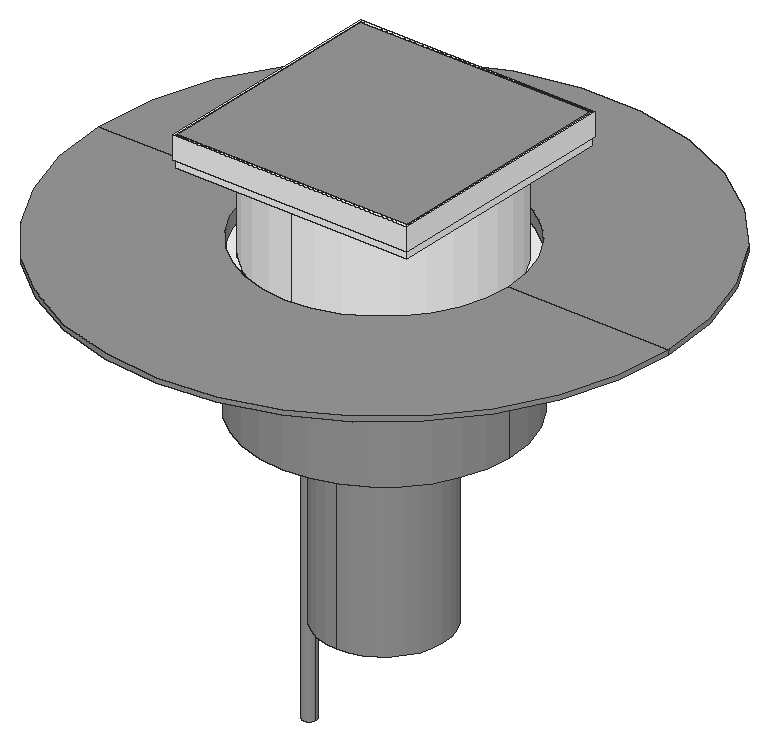
Revit family "HL_RU_Roof drain_HL62.1BF-B-221103", category Sanitärinstallationen, Revit 2020
Family settings
  Bemaßung runder Anschluss = Durchmesser verwenden
  Teiletyp = Normal
  OmniClass-Nummer = 23.70.50.21.24.14
  OmniClass-Titel = Deck Waste Water Drains
  Arbeitsebenenbasiert = Nein
  Immer vertikal = Ja
  Beim Laden mit Abzugskörper schneiden = Nein
  Gemeinsam genutzt = Nein
  Raumberechnungspunkt = Ja
Parameters (values of type "HL_Кровельная воронка_HL62.1BF_7")
  РЕШЁТКА = "Edelstahl 137x137mm"
  РАЗМЕР = "DN75"
  ПРОПУСКНАЯ СПОСОБНОСТЬ [instance] = 0.0 L/s
  ПРОИЗВОДИТЕЛЬНОСТЬ = "6,0 l/s"
  ПРАВОВАЯ ИНФОРМАЦИЯ = "Авторские права(©), права на дизайн или какие либо другие права интелектуальной собственности являются исключительной собственностью компании HL Hutterer & Lechner. Изменению не подлежит. Файл семейства с данными о прозводителе изделия защищен паролем с водяным знаком."
  НОМИНАЛЬНЫЙ ДИАМЕТР = 75 mm
  НАСАДКА = "19-65mm/148x148mm"
  МАТЕРИАЛ = "PP"
  МАКСИМАЛЬНАЯ НАГРУЗКА КЛАССА = "K - 300 kg"
  ВЕС = "1,14 [kg]"
  Vorgabe-Ansicht = 0 mm
  Hersteller = "HL Hutterer & Lechner GmbH"  # constant formula
  URL = "http://www.hutterer-lechner.com/ru/products/catalog/roof-drains/HL62.1BF/7.aspx"
  Материал плитка [instance] = none
  Lüftungsverbindung = no
  Abwasserrohrverbindung = yes
  HW-Verbindung = no
  KW-Verbindung = no
  Beschreibung = "Кровельные воронки"
  Model = "HL62.1BF_7"
  Assembly Code = " "
  Typenkommentare = "HL62.1BF/7 Кровельная воронка DN75 для эксплуатируемой кровли, вертикальный выпуск, с ПП_фланцем и электрообогревом (10_30W/230V),"
  Keynote = "HL62.1BF_7"
  Bысота монтажа [instance] = 65 mm  # constant formula
  G [instance] = 180.00°  # constant formula
  EAN = "9003076031849"
  D [instance] = if(НОМИНАЛЬНЫЙ ДИАМЕТР = 75 mm, 116 mm, if(НОМИНАЛЬНЫЙ ДИАМЕТР = 110 mm, 60 mm, if(НОМИНАЛЬНЫЙ ДИАМЕТР = 125 mm, 67 mm, 0 mm))) + Bысота монтажа  # 181 mm
  C [instance] = if(Bысота монтажа - 68 mm < 0 mm, 0 mm, Bысота монтажа - 68 mm)  # 0 mm
  B [instance] = 100 mm  # constant formula
  A [instance] = if(B - 100 mm > 15 mm, B - 100 mm, 15 mm)  # 15 mm
Types (4, lengths in mm): name | РАЗМЕР | НОМИНАЛЬНЫЙ ДИАМЕТР | ВЕС | URL | Model | Typenkommentare | Keynote | EAN | D
  (no name) | "DN75" | 75 | "1,14 [kg]" | "http://www.hutterer-lechner.com/ru/products/catalog/roof-drains/HL62.1BF/7.aspx" | "HL62.1BF_7" | "HL62.1BF/7 Кровельная воронка DN75 для эксплуатируемой кровли, вертикальный выпуск, с ПП_фланцем и электрообогревом (10_30W/230V)," | "HL62.1BF_7" | "9003076031849" | 181
  HL_Кровельная воронка_HL62.1BF_1 | "DN110" | 110 | "1,04 [kg]" | "http://www.hutterer-lechner.com/ru/products/catalog/roof-drains/HL62.1BF/1.aspx" | "HL62.1BF_1" | "HL62.1BF/1 Кровельная воронка DN110 для эксплуатируемой кровли, вертикальный выпуск, с ПП_фланцем и электрообогревом (10_30W/230V)," | "HL62.1BF_1" | "9003076031863" | 125
  HL_Кровельная воронка_HL62.1BF_2 | "DN125" | 125 | "1,06 [kg]" | "http://www.hutterer-lechner.com/ru/products/catalog/roof-drains/HL62.1BF/2.aspx" | "HL62.1BF_2" | "HL62.1BF/2 Кровельная воронка DN125 для эксплуатируемой кровли, вертикальный выпуск, с ПП_фланцем и электрообогревом (10_30W/230V)," | "HL62.1BF_2" | "9003076031887" | 132
  HL_Кровельная воронка_HL62.1BF_7 | "DN75" | 75 | "1,14 [kg]" | "http://www.hutterer-lechner.com/ru/products/catalog/roof-drains/HL62.1BF/7.aspx" | "HL62.1BF_7" | "HL62.1BF/7 Кровельная воронка DN75 для эксплуатируемой кровли, вертикальный выпуск, с ПП_фланцем и электрообогревом (10_30W/230V)," | "HL62.1BF_7" | "9003076031849" | 181
Reference planes
  plane 1 "Center (Front/Back)": y = 0
  plane 2: z = 0
  plane 3 "Center (Left/Right)": x = 0
  plane 4: z = -100
  plane 5: z = -65
Lines and regions (mm)
  model lines, style "InvisibleLines"
    curve 1: line (0, 0, 0) -> (0, 0, 20)
  model lines, style "PlumbingFixtures", detail levels coarse+medium
    curve 2: line (0, 0, -100) -> (0, 0, -85)
    curve 3: line (0, 0, -85) -> (-85, 0, 0)
    curve 4: line (0, 0, -85) -> (85, 0, 0)
    curve 6: line (0, 0, -100) -> (0, 0, -281)
  reference lines, not visible
    curve 5: line (0, 0, -100) -> (0, 0, -281)
  symbolic lines, style "PlumbingFixtures", detail levels coarse+medium
    curve 7: line (-75, 75, 0) -> (75, 75, 0)
    curve 8: line (-75, -75, 0) -> (-75, 75, 0)
    curve 9: line (75, -75, 0) -> (-75, -75, 0)
    curve 10: line (75, 75, 0) -> (75, -75, 0)
    curve 11: line (-75, 75, 0) -> (-145.711, 145.711, 0)
    curve 12: line (75, 75, 0) -> (145.711, 145.711, 0)
    curve 13: line (-75, -75, 0) -> (-145.711, -145.711, 0)
    curve 14: line (75, -75, 0) -> (145.711, -145.711, 0)
  symbolic lines, style "PlumbingFixtures", not visible, detail levels coarse+medium
    curve 15: line (-75, 75, 0) -> (75, 75, 0)
    curve 16: line (-75, -75, 0) -> (-75, 75, 0)
    curve 17: line (75, -75, 0) -> (-75, -75, 0)
    curve 18: line (75, 75, 0) -> (75, -75, 0)
    curve 19: line (-75, 75, 0) -> (-145.711, 145.711, 0)
    curve 20: line (75, 75, 0) -> (145.711, 145.711, 0)
    curve 21: line (-75, -75, 0) -> (-145.711, -145.711, 0)
    curve 22: line (75, -75, 0) -> (145.711, -145.711, 0)
Text (mm)
  text "FLOOR" at (-162.344, 0, -10.979), in view "Drain Construction View"
Dimensions and locks
  "B": plane 2 to plane 4
  "Bысота монтажа": plane 2 to plane 5
  "A": curve 4 to plane 4
  "D": curve 5 to curve 5
  "D": curve 6 to curve 6
  locked: curve 4 to plane 3 "Center (Left/Right)" (angle 45.00°)
  locked: plane 3 "Center (Left/Right)" to curve 3 (angle 45.00°)
  "G": angle curve 5 to plane 3 "Center (Left/Right)"
  aligned and locked: level to plane 2
  aligned and locked: plane 2 to curve 4
  aligned and locked: plane 2 to curve 3
  aligned and locked: plane 4 to curve 5
  aligned and locked: plane 3 "Center (Left/Right)" to curve 5
  aligned and locked: plane 4 to curve 2
  aligned and locked: curve 6 to plane 3 "Center (Left/Right)"
  aligned and locked: curve 6 to plane 4
  aligned and locked: plane 2 to nested 1
  aligned and locked: plane 3 "Center (Left/Right)" to nested 1
  aligned and locked: nested 2 to plane 3 "Center (Left/Right)"
  aligned and locked: nested 2 to plane 5
Automatic sketch dimensions
  curve 2 to plane 3 "Center (Left/Right)" = 0 mm
  curve 1 to plane 3 "Center (Left/Right)" = 0 mm
  curve 1 to level = 0 mm
  level to curve 1 = 20 mm
Nested families
  nested 1: "HL_Насадка_HL66.9S" at (0, 0, 0), Bысота монтажа <- "Bысота монтажа", type "HL_Grate frame_HL66.9S"
    with L 93 mm, IHmin 12 mm, IHmax 65 mm, Bысота монтажа 65 mm
  nested 2: "HL_кровельные воронки - корпус_HL62.1F" at (0, 0, -65), НОМИНАЛЬНЫЙ ДИАМЕТР <- "НОМИНАЛЬНЫЙ ДИАМЕТР", type "HL_кровельные воронки - корпус_HL62.1F"
    with НОМИНАЛЬНЫЙ ДИАМЕТР 75 mm, OOD 47.5 mm, L 120 mm, A 75 mm
Connectors
  piping at (0, 0, -281), diameter 75, driven by "ПРОПУСКНАЯ СПОСОБНОСТЬ", driven by "НОМИНАЛЬНЫЙ ДИАМЕТР"
    settings: on curve 5, index 1, connector inside diameter 609.6 mm, connector length 0 mm, flow factor 0, pipe flow 0.0 L/s, pressure drop 0.0 Pa, fitting loss kfactor 0, connector angle 0.00°, fixture units 0, engagement length 0 mm, angle of deflection 0.00°, flow configuration 1, flow direction 2, fitting loss method 0, system type 16, joint type 0, gender type 0, connector reference index -1, connector utility 0, adjustable connector yes, is connector primary yes, connector description ""
Definition of nested family "HL_Насадка_HL66.9S"
  Parameters (values of type "HL_Grate frame_HL66.9S")
    РЕШЁТКА = "Edelstahl 138x138mm"
    РАЗМЕР = "d 145 mm"
    ПРАВОВАЯ ИНФОРМАЦИЯ = "Авторские права(©), права на дизайн или какие либо другие права интелектуальной собственности являются исключительной собственностью компании HL Hutterer & Lechner. Изменению не подлежит. Файл семейства с данными о прозводителе изделия защищен паролем с водяным знаком."
    НАСАДКА = "147x147mm"
    МАТЕРИАЛ = "PP"
    МАКСИМАЛЬНАЯ НАГРУЗКА КЛАССА = "K - 300 kg"
    ВЫСОТА МОНТАЖА = "12-65mm"
    Материал плитка = none
    ВЕС = "0,345 [kg]"
    Default Elevation = 0 mm
    L [instance] = if(Bысота монтажа < IHmin, -100 mm, if(Bысота монтажа > IHmax, -100 mm, Bысота монтажа + 28 mm))  # 93 mm
    Manufacturer = "HL Hutterer & Lechner GmbH"
    URL = "http://www.hutterer-lechner.com/ru/products/catalog/roof-drains/HL66.9.aspx"
    Description = "Кровельные воронки"
    Model = "HL66.9"
    Type Comments = "HL66.9, Насадка d 145мм с бороздками/147х147мм/138х138мм"
    Keynote = "HL66.9"
    Bысота монтажа [instance] = 65 mm
    IHmin [instance] = 12 mm
    IHmax [instance] = 65 mm
    EAN = "9003076014606"
    Cost = 0
  Reference planes
    plane 1 "Střed (vpředu/vzadu)": y = 0
    plane 2: z = 0
    plane 3 "Střed (vlevo/vpravo)": x = 0
  Forms (mm)
    Revolve 1, solid, detail levels fine
      sketch origin (0, 0, 128) x (0, 1, 0) y (0, 0, 1)
        loop
          line (72.5, -142) -> (69.248, -142) -> (69.248, -221) -> (72.5, -221) -> (72.5, -142)
        axis (0, -142) -> (0, -221)
      angle from 0 to 360
    Extrusion 2, solid, detail levels fine
      sketch origin (-1.537, 0, -14.6) x (0, 1, 0) y (-1, 0, 0)
        loop
          line (74, 72.459) -> (-74, 72.459) -> (-74, -75.537) -> (74, -75.537) -> (74, 72.459)
        loop
          line (73, 71.463) -> (-73, 71.463) -> (-73, -74.537) -> (73, -74.537) -> (73, 71.463)
      from 0.6 to 14.6
    Extrusion 3, solid, detail levels fine
      sketch origin (-1.537, 0, -14) x (-1, 0, 0) y (0, 1, 0)
        loop
          line (71.463, 73) -> (-74.537, 73) -> (-74.537, -73) -> (71.463, -73) -> (71.463, 73)
        loop
          circle (-1.537, 0) r 72.5
      from 0 to 5
    Extrusion 4, solid, detail levels fine
      sketch origin (-1.537, 0, -14) x (-1, 0, 0) y (0, -1, 0)
        loop
          line (70.95, -72.397) -> (70.95, 72.463) -> (-74.05, 72.463) -> (-74.05, -72.397) -> (70.95, -72.397)
      from 0 to 14
    Revolve 5, solid, detail levels fine
      sketch origin (0, 75.989, -93) x (0, -1, 0) y (0, 0, -1)
        loop
          line (3.489, -20) -> (3.489, 0) -> (0.186, 0) -> (-2.325, -2.511) -> (-2.325, -20) -> (3.489, -20)
        axis (75.989, -20) -> (75.989, 0)
      angle from 0 to 360
  Lines and regions (mm)
    model lines, detail levels fine
      curve 1: line (36.25, 24.325, 0) -> (36.25, -24.42, 0)
      curve 2: line (43.75, -24.42, 0) -> (43.75, 24.325, 0)
      curve 3: line (52.25, 40.306, 0) -> (52.25, -40.355, 0)
      curve 4: line (59.75, -40.355, 0) -> (59.75, 40.306, 0)
      curve 5: line (20.25, 8.588, 0) -> (20.25, -8.684, 0)
      curve 6: line (27.75, -8.684, 0) -> (27.75, 8.588, 0)
      curve 7: arc (27.75, 8.588, 0) -> (24, 12.338, 0) -> (20.25, 8.588, 0) r 3.75
      curve 8: arc (20.25, -8.684, 0) -> (24, -12.434, 0) -> (27.75, -8.684, 0) r 3.75
      curve 9: arc (36.25, -24.42, 0) -> (40, -28.17, 0) -> (43.75, -24.42, 0) r 3.75
      curve 10: arc (43.75, 24.325, 0) -> (40, 28.075, 0) -> (36.25, 24.325, 0) r 3.75
      curve 11: arc (59.75, 40.306, 0) -> (56, 44.056, 0) -> (52.25, 40.306, 0) r 3.75
      curve 12: arc (52.25, -40.355, 0) -> (56, -44.105, 0) -> (59.75, -40.355, 0) r 3.75
      curve 13: line (-24.325, -36.25, 0) -> (24.42, -36.25, 0)
      curve 14: line (24.42, -43.75, 0) -> (-24.325, -43.75, 0)
      curve 15: line (-40.306, -52.25, 0) -> (40.355, -52.25, 0)
      curve 16: line (40.355, -59.75, 0) -> (-40.306, -59.75, 0)
      curve 17: line (-8.588, -20.25, 0) -> (8.684, -20.25, 0)
      curve 18: line (8.684, -27.75, 0) -> (-8.588, -27.75, 0)
      curve 19: arc (-8.588, -27.75, 0) -> (-12.338, -24, 0) -> (-8.588, -20.25, 0) r 3.75
      curve 20: arc (8.684, -20.25, 0) -> (12.434, -24, 0) -> (8.684, -27.75, 0) r 3.75
      curve 21: arc (24.42, -36.25, 0) -> (28.17, -40, 0) -> (24.42, -43.75, 0) r 3.75
      curve 22: arc (-24.325, -43.75, 0) -> (-28.075, -40, 0) -> (-24.325, -36.25, 0) r 3.75
      curve 23: arc (-40.306, -59.75, 0) -> (-44.056, -56, 0) -> (-40.306, -52.25, 0) r 3.75
      curve 24: arc (40.355, -52.25, 0) -> (44.105, -56, 0) -> (40.355, -59.75, 0) r 3.75
      curve 25: line (36.25, -24.42, 0) -> (36.25, 24.325, 0)
      curve 26: line (43.75, 24.325, 0) -> (43.75, -24.42, 0)
      curve 27: line (52.25, -40.355, 0) -> (52.25, 40.306, 0)
      curve 28: line (59.75, 40.306, 0) -> (59.75, -40.355, 0)
      curve 29: line (20.25, -8.684, 0) -> (20.25, 8.588, 0)
      curve 30: line (27.75, 8.588, 0) -> (27.75, -8.684, 0)
      curve 31: arc (27.75, -8.588, 0) -> (24, -12.338, 0) -> (20.25, -8.588, 0) r 3.75
      curve 32: arc (20.25, 8.684, 0) -> (24, 12.434, 0) -> (27.75, 8.684, 0) r 3.75
      curve 33: arc (36.25, 24.42, 0) -> (40, 28.17, 0) -> (43.75, 24.42, 0) r 3.75
      curve 34: arc (43.75, -24.325, 0) -> (40, -28.075, 0) -> (36.25, -24.325, 0) r 3.75
      curve 35: arc (59.75, -40.306, 0) -> (56, -44.056, 0) -> (52.25, -40.306, 0) r 3.75
      curve 36: arc (52.25, 40.355, 0) -> (56, 44.105, 0) -> (59.75, 40.355, 0) r 3.75
      curve 37: line (24.42, -36.25, 0) -> (-24.325, -36.25, 0)
      curve 38: line (-24.325, -43.75, 0) -> (24.42, -43.75, 0)
      curve 39: line (40.355, -52.25, 0) -> (-40.306, -52.25, 0)
      curve 40: line (-40.306, -59.75, 0) -> (40.355, -59.75, 0)
      curve 41: line (8.684, -20.25, 0) -> (-8.588, -20.25, 0)
      curve 42: line (-8.588, -27.75, 0) -> (8.684, -27.75, 0)
      curve 43: arc (8.588, -27.75, 0) -> (12.338, -24, 0) -> (8.588, -20.25, 0) r 3.75
      curve 44: arc (-8.684, -20.25, 0) -> (-12.434, -24, 0) -> (-8.684, -27.75, 0) r 3.75
      curve 45: arc (-24.42, -36.25, 0) -> (-28.17, -40, 0) -> (-24.42, -43.75, 0) r 3.75
      curve 46: arc (24.325, -43.75, 0) -> (28.075, -40, 0) -> (24.325, -36.25, 0) r 3.75
      curve 47: arc (40.306, -59.75, 0) -> (44.056, -56, 0) -> (40.306, -52.25, 0) r 3.75
      curve 48: arc (-40.355, -52.25, 0) -> (-44.105, -56, 0) -> (-40.355, -59.75, 0) r 3.75
      curve 49: line (-36.25, 24.325, 0) -> (-36.25, -24.325, 0)
      curve 50: line (-43.75, -24.325, 0) -> (-43.75, 24.325, 0)
      curve 51: line (-52.25, 40.306, 0) -> (-52.25, -40.306, 0)
      curve 52: line (-59.75, -40.306, 0) -> (-59.75, 40.306, 0)
      curve 53: line (-20.25, 8.588, 0) -> (-20.25, -8.588, 0)
      curve 54: line (-27.75, -8.684, 0) -> (-27.75, 8.588, 0)
      curve 55: arc (-27.75, 8.588, 0) -> (-24, 12.338, 0) -> (-20.25, 8.588, 0) r 3.75
      curve 56: arc (-20.25, -8.684, 0) -> (-24, -12.434, 0) -> (-27.75, -8.684, 0) r 3.75
      curve 57: arc (-43.75, 24.325, 0) -> (-40, 28.075, 0) -> (-36.25, 24.325, 0) r 3.75
      curve 58: arc (-59.75, 40.306, 0) -> (-56, 44.056, 0) -> (-52.25, 40.306, 0) r 3.75
      curve 59: line (-36.25, -24.325, 0) -> (-36.25, 24.325, 0)
      curve 60: line (-43.75, 24.325, 0) -> (-43.75, -24.325, 0)
      curve 61: line (-52.25, -40.306, 0) -> (-52.25, 40.306, 0)
      curve 62: line (-59.75, 40.306, 0) -> (-59.75, -40.306, 0)
      curve 63: line (-20.25, -8.588, 0) -> (-20.25, 8.588, 0)
      curve 64: line (-27.75, 8.588, 0) -> (-27.75, -8.684, 0)
      curve 65: arc (-27.75, -8.588, 0) -> (-24, -12.338, 0) -> (-20.25, -8.588, 0) r 3.75
      curve 66: arc (-20.25, 8.684, 0) -> (-24, 12.434, 0) -> (-27.75, 8.684, 0) r 3.75
      curve 67: arc (-36.25, 24.42, 0) -> (-40, 28.17, 0) -> (-43.75, 24.42, 0) r 3.75
      curve 68: arc (-43.75, -24.325, 0) -> (-40, -28.075, 0) -> (-36.25, -24.325, 0) r 3.75
      curve 69: arc (-59.75, -40.306, 0) -> (-56, -44.056, 0) -> (-52.25, -40.306, 0) r 3.75
      curve 70: arc (-52.25, 40.355, 0) -> (-56, 44.105, 0) -> (-59.75, 40.355, 0) r 3.75
      curve 71: line (-24.42, 36.25, 0) -> (24.325, 36.25, 0)
      curve 72: line (24.42, 43.75, 0) -> (-24.42, 43.75, 0)
      curve 73: line (-40.355, 52.25, 0) -> (40.306, 52.25, 0)
      curve 74: line (40.306, 59.75, 0) -> (-40.355, 59.75, 0)
      curve 75: line (-8.588, 20.25, 0) -> (8.588, 20.25, 0)
      curve 76: line (8.684, 27.75, 0) -> (-8.588, 27.75, 0)
      curve 77: arc (-8.588, 27.75, 0) -> (-12.338, 24, 0) -> (-8.588, 20.25, 0) r 3.75
      curve 78: arc (8.684, 20.25, 0) -> (12.434, 24, 0) -> (8.684, 27.75, 0) r 3.75
      curve 79: arc (24.42, 36.25, 0) -> (28.17, 40, 0) -> (24.42, 43.75, 0) r 3.75
      curve 80: line (24.325, 36.25, 0) -> (-24.42, 36.25, 0)
      curve 81: line (-24.42, 43.75, 0) -> (24.42, 43.75, 0)
      curve 82: line (40.306, 52.25, 0) -> (-40.355, 52.25, 0)
      curve 83: line (-40.355, 59.75, 0) -> (40.306, 59.75, 0)
      curve 84: line (8.588, 20.25, 0) -> (-8.588, 20.25, 0)
      curve 85: line (-8.588, 27.75, 0) -> (8.684, 27.75, 0)
      curve 86: arc (8.588, 27.75, 0) -> (12.338, 24, 0) -> (8.588, 20.25, 0) r 3.75
      curve 87: arc (-8.684, 20.25, 0) -> (-12.434, 24, 0) -> (-8.684, 27.75, 0) r 3.75
      curve 88: arc (-24.42, 36.25, 0) -> (-28.17, 40, 0) -> (-24.42, 43.75, 0) r 3.75
      curve 89: arc (24.325, 43.75, 0) -> (28.075, 40, 0) -> (24.325, 36.25, 0) r 3.75
      curve 90: arc (40.306, 59.75, 0) -> (44.056, 56, 0) -> (40.306, 52.25, 0) r 3.75
      curve 91: arc (-40.355, 52.25, 0) -> (-44.105, 56, 0) -> (-40.355, 59.75, 0) r 3.75
    reference lines
      curve 92: line (0, 75.989, -93) -> (0, -174.011, -93)
  Dimensions and locks
    Extrusion 2 sketch curve to Extrusion 2 sketch curve = 147.996 mm
    Extrusion 2 sketch curve to Extrusion 2 sketch curve = 148 mm
    "L": curve 92 to plane 2
    aligned and locked: level to plane 2
    aligned and locked: Revolve 1 to curve 92
  Automatic sketch dimensions
    plane 1 "Střed (vpředu/vzadu)" to Extrusion 2 sketch curve = 74 mm
    Extrusion 2 sketch curve to Extrusion 2 sketch curve = 1 mm  (x3)
    plane 3 "Střed (vlevo/vpravo)" to Extrusion 2 sketch curve = 74 mm
    Extrusion 2 sketch curve to Extrusion 2 sketch curve = 0.996 mm
    Extrusion 3 sketch curve to Extrusion 2 = 0 mm  (x4)
    Extrusion 3 sketch curve to Extrusion 2 = 73 mm  (x2)
    Extrusion 2 to curve 16 = 13.25 mm
    curve 24 to curve 47 = 3.75 mm
    curve 47 to curve 24 = 0 mm
    curve 48 to curve 23 = 0 mm  (x2)
    curve 23 to curve 38 = 8.5 mm
    curve 24 to curve 12 = 11.895 mm
    curve 12 to curve 35 = 0.048 mm
    curve 15 to curve 69 = 11.944 mm
    curve 22 to curve 45 = 3.75 mm
    curve 21 to curve 46 = 3.75 mm
    curve 46 to curve 21 = 0 mm
    curve 22 to curve 18 = 8.5 mm
    curve 21 to curve 9 = 11.83 mm
    curve 13 to curve 49 = 11.925 mm
    curve 9 to curve 34 = 0.095 mm
    curve 18 to curve 19 = 3.75 mm
    curve 44 to curve 19 = 0 mm  (x2)
    curve 43 to curve 20 = 0 mm
    curve 20 to curve 5 = 11.566 mm
    curve 49 to curve 64 = 15.642 mm
    curve 8 to curve 31 = 0.095 mm
    curve 56 to curve 53 = 0.095 mm
    curve 65 to curve 64 = 17.177 mm
    curve 31 to curve 29 = 17.177 mm
    curve 7 to curve 32 = 0.095 mm
    curve 55 to curve 66 = 0.095 mm
    curve 32 to curve 84 = 11.566 mm
    curve 86 to curve 78 = 3.75 mm
    curve 86 to curve 78 = 0 mm
    curve 77 to curve 87 = 3.75 mm
    curve 87 to curve 77 = 0 mm  (x2)
    curve 66 to curve 60 = 15.642 mm
    curve 32 to curve 26 = 15.642 mm
    curve 10 to curve 33 = 0.095 mm
    curve 57 to curve 67 = 0.095 mm
    curve 33 to curve 71 = 11.83 mm
    curve 89 to curve 89 = 3.75 mm
    curve 88 to curve 88 = 3.75 mm
    curve 89 to curve 79 = 0 mm
    curve 33 to curve 11 = 15.886 mm
    curve 67 to curve 51 = 15.886 mm
    curve 58 to curve 70 = 0.048 mm
    curve 11 to curve 36 = 0.048 mm
    curve 70 to curve 73 = 11.895 mm
    curve 90 to curve 90 = 3.75 mm
    Extrusion 2 to curve 28 = 13.25 mm
    curve 4 to curve 11 = 3.75 mm
    curve 35 to curve 12 = 0 mm
    curve 36 to curve 11 = 0 mm
    curve 3 to curve 2 = 8.5 mm
    curve 3 to curve 39 = 11.895 mm
    curve 11 to curve 83 = 11.944 mm
    curve 24 to curve 47 = 0.048 mm
    curve 26 to curve 9 = 3.75 mm
    curve 33 to curve 10 = 0 mm
    curve 34 to curve 9 = 0 mm
    curve 34 to curve 30 = 8.5 mm
    curve 90 to curve 72 = 15.886 mm
    curve 1 to curve 21 = 11.83 mm
    curve 79 to curve 80 = 0.095 mm
    curve 21 to curve 46 = 0.095 mm
    curve 6 to curve 32 = 3.75 mm
    curve 6 to curve 8 = 3.75 mm
    curve 31 to curve 8 = 0 mm
    curve 29 to curve 17 = 11.566 mm
    curve 7 to curve 78 = 11.566 mm
    curve 78 to curve 86 = 0.095 mm
    curve 20 to curve 43 = 0.095 mm
    curve 43 to curve 41 = 17.177 mm
    curve 86 to curve 77 = 17.177 mm
    curve 19 to curve 44 = 0.095 mm
    curve 77 to curve 87 = 0.095 mm
    curve 87 to curve 53 = 11.566 mm
    curve 53 to curve 66 = 3.75 mm
    curve 55 to curve 66 = 0 mm
    curve 56 to curve 54 = 3.75 mm
    curve 65 to curve 56 = 0 mm
    curve 44 to curve 14 = 15.642 mm
    curve 22 to curve 45 = 0.095 mm
    curve 87 to curve 72 = 15.736 mm
    curve 45 to curve 59 = 11.83 mm
    curve 57 to curve 67 = 3.75 mm
    curve 68 to curve 68 = 3.75 mm
    curve 45 to curve 15 = 15.886 mm
    curve 23 to curve 48 = 0.048 mm
    curve 72 to curve 74 = 15.935 mm
    curve 91 to curve 51 = 11.895 mm
    curve 51 to curve 70 = 3.75 mm
    curve 51 to curve 69 = 3.75 mm
    curve 45 to curve 22 = 0 mm
    curve 36 to curve 28 = 0 mm
    curve 33 to curve 2 = 0 mm
    curve 32 to curve 30 = 0 mm
    curve 66 to curve 55 = 0 mm
    curve 67 to curve 57 = 0 mm
    curve 70 to curve 51 = 0 mm
    Extrusion 4 sketch curve to Extrusion 3 = 0.487 mm
    Extrusion 4 sketch curve to Extrusion 3 = 0.513 mm
    Extrusion 4 sketch curve to Extrusion 3 = 0.603 mm
    Extrusion 4 sketch curve to Extrusion 3 = 0.537 mm
    Revolve 1 sketch curve to plane 1 "Střed (vpředu/vzadu)" = 0 mm
    Revolve 1 sketch curve to level = 14 mm
    Revolve 1 sketch curve to plane 1 "Střed (vpředu/vzadu)" = 69.248 mm
    Revolve 1 sketch curve to Revolve 1 sketch curve = 3.252 mm
    Revolve 1 sketch curve to Revolve 1 sketch curve = 79 mm
    Revolve 1 sketch curve to Revolve 1 sketch curve = 17.5 mm
    level to Revolve 1 sketch curve = 144.5 mm
    Revolve 5 sketch curve to curve 92 = 0 mm
    Revolve 5 sketch curve to curve 92 = 2.325 mm
    curve 92 to Revolve 5 sketch curve = 0.186 mm
    curve 92 to Revolve 5 sketch curve = 3.489 mm
    Revolve 5 sketch curve to curve 92 = 2.511 mm
    Revolve 5 sketch curve to curve 92 = 20 mm
    curve 92 to Revolve 5 sketch curve = 75.989 mm
    Revolve 5 sketch curve to curve 92 = 393 mm
    curve 92 to Revolve 5 sketch curve = 207 mm
    plane 1 "Střed (vpředu/vzadu)" to curve 92 = 174.011 mm
    curve 92 to plane 1 "Střed (vpředu/vzadu)" = 75.989 mm
    radius of Extrusion 3 sketch curve = 72.5 mm
Definition of nested family "HL_кровельные воронки - корпус_HL62.1F"
  Parameters (values of type "HL_кровельные воронки - корпус_HL62.1F")
    НОМИНАЛЬНЫЙ ДИАМЕТР [instance] = 125 mm
    Default Elevation = 0 mm
    OOD [instance] = if(A = 75 mm, 47.5 mm, 71 mm)  # 71 mm
    Manufacturer = ""
    URL = ""
    Description = ""
    A [instance] = НОМИНАЛЬНЫЙ ДИАМЕТР  # 125 mm
    Model = ""
    L [instance] = if(A = 75 mm, 120 mm, if(A = 110 mm, 64 mm, if(A = 125 mm, 71 mm, 0 mm)))  # 71 mm
    Type Comments = ""
    Cost = 0
  Reference planes
    plane 1 "Střed (vpředu/vzadu)": y = 0
    plane 2: z = 0
    plane 3 "Střed (vlevo/vpravo)": x = 0
  Forms (mm)
    Revolve 1, solid, detail levels fine
      sketch origin (0, 0, 0) x (1, 0, 0) y (0, 0, 1)
        loop
          line (-180, -3) -> (-81.687, -3) -> (-81.687, -17.808) -> (-79.882, -20.934) -> (-79.882, -96) -> (0, -96) -> (0, -29.3) -> (-74.763, -29.3) -> (-74.763, -23.875) -> (-78.907, -16.698) -> (-78.907, 0) -> (-180, 0) -> (-180, -3)
        axis (0, 0) -> (0, -96)
      angle from 0 to 360
    Extrusion 2, solid, detail levels fine
      sketch origin (0, 0, -96) x (0, 1, 0) y (1, 0, 0)
        loop
          circle (0, 0) r 62.5
      from 0 to 71
    Sweep 3, solid, detail levels fine
      path in 3D
        loop
          line (-71, 0, -288.3) -> (-71, 0, -96)
      profile origin (-71, 0, -192.15) x (-1, 0, 0) y (0, -1, 0)
        loop
          circle (0, -0.708) r 4.23
  Cuts and joins
    joined: Revolve 1, Extrusion 2
  Lines and regions (mm)
    reference lines
      curve 1: line (-71, 0, -288.3) -> (-71, 0, -96)
      curve 3: line (-61, 0, -96) -> (119, 0, -96)
    sketch lines
      curve 2: line (-71, 0, -288.3) -> (-71, 0, -96)
  Dimensions and locks
    "OOD": plane 3 "Střed (vlevo/vpravo)" to curve 1
    "L": cut or joined group of Revolve 1, Extrusion 2 to cut or joined group of Revolve 1, Extrusion 2
    "A": diameter of Extrusion 2 sketch curve
    aligned and locked: level to plane 2
    aligned and locked: cut or joined group of Revolve 1, Extrusion 2 to curve 3
  Automatic sketch dimensions
    Revolve 1 sketch curve to level = 0 mm
    Revolve 1 sketch curve to plane 3 "Střed (vlevo/vpravo)" = 0 mm  (x2)
    Revolve 1 sketch curve to level = 23.875 mm
    Revolve 1 sketch curve to plane 3 "Střed (vlevo/vpravo)" = 74.763 mm
    Revolve 1 sketch curve to level = 16.698 mm
    Revolve 1 sketch curve to Revolve 1 sketch curve = 4.143 mm
    Revolve 1 sketch curve to level = 20.934 mm
    Revolve 1 sketch curve to Revolve 1 sketch curve = 0.976 mm
    Revolve 1 sketch curve to level = 17.808 mm
    Revolve 1 sketch curve to Revolve 1 sketch curve = 2.78 mm
    Revolve 1 sketch curve to level = 3 mm
    Revolve 1 sketch curve to Revolve 1 sketch curve = 98.313 mm
    Revolve 1 sketch curve to Revolve 1 sketch curve = 5.425 mm
    Revolve 1 sketch curve to Revolve 1 sketch curve = 66.7 mm
    level to Revolve 1 sketch curve = 295.621 mm
    Revolve 1 sketch curve to Revolve 1 sketch curve = 204 mm
    Sweep 3 sketch curve to Sweep 3 sketch curve = 0 mm  (x2)
    Sweep 3 sketch curve to profile plane = 0 mm
    Sweep 3 sketch curve to profile plane = 0.708 mm
    profile plane to Sweep 3 sketch curve = 4.23 mm
    curve 3 to curve 1 = 0 mm
    curve 3 to curve 1 = 190 mm
    curve 3 to curve 1 = 10 mm
    curve 1 to level = 288.3 mm
    curve 1 to level = 96 mm
    Extrusion 2 sketch curve to Revolve 1 = 0 mm
